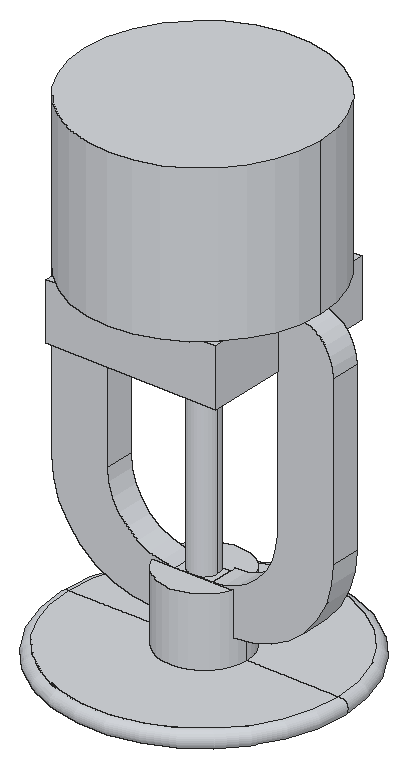
Revit family
Parameters (values of type "RASCO F1 PENDENT")
  Temperature Rating = 155 °F
  Response = (empty or 0)
  RASCO SIN # = "R1712"
  RASCO Part # = "FP1LW"
  Pressure Rating = "175 PSI"
  Pressure Class = (empty or 0)
  Orifice Size = 17/32"
  Orifice = (empty or 0)
  Model = "F1"
  Manufacturer = "RASCO"
  K-Factor = 8
  Description = "White Finish"
  Coverage = (empty or 0)
Reference planes (in)
  plane 1 "Center (Front/Back)": y = 0
  plane 2: z = 0
  plane 3 "Center (Left/Right)": x = 0
Dimensions and locks (in)
  aligned and locked: plane 2 to level
Nested families (in)
  nested 1: "FP1LW" at (-0.01148, 0, 2.4375) x (-1, 0, 0) z (0, 0, -1), type "RASCO F1 PENDENT"
Connectors (in)
  piping at (-0.01148, 0, 2.4375)
    settings: on nested 1, index 1, connector radius 1/2", flow factor 0, pipe flow 0 GPM, pressure drop 0.00 psi, fitting loss kfactor 0, connector angle 0.00°, fixture units 0, flow configuration 0, flow direction 0, fitting loss method 0, system type 7, connector reference index -1, connector utility 0, adjustable connector no, is connector primary yes, fitting loss table "", connector description ""
Definition of nested family "FP1LW"
  Parameters (values of type "RASCO F1 PENDENT")
    Type Comments = ""
    Temperature Rating = 0 °F
    Response = (empty or 0)
    Pressure Rating = "0"
    Pressure Class = (empty or 0)
    Orifice Size = 0"
    Orifice = (empty or 0)
    Model = ""
    Manufacturer = ""
    K-Factor = 0
    Description = ""
    Coverage = (empty or 0)
    Assembly Code = ""
  Reference planes (in)
    plane 1 "Center (Front/Back)": y = 0
    plane 2: z = 0
    plane 3 "ref.2": z = 0.6875
    plane 4 "ref.3": z = 0.9375
    plane 5: x = -0.38065
    plane 6: x = 0.36935
    plane 7 "ref. side 1": y = 0.06402
    plane 8 "ref. side 2": y = -0.06098
    plane 9 "ref.4": z = 1.875
    plane 10 "ref.5": z = 2.3125
    plane 11 "ref.6": z = 2.4375
  Forms (in)
    Extrusion 1, solid
      sketch origin (0, 0, 0) x (1, 0, 0) y (0, 1, 0)
        loop
          circle (0, 0) r 0.5221
      from 0 to 0.6875
    Extrusion 2, solid
      sketch origin (-0.12185, 0.05177, 0.6875) x (1, 0, 0) y (0, 1, 0)
        loop
          line (-0.2588, 0.356) -> (-0.2588, -0.4565) -> (0.4912, -0.4565) -> (0.4912, 0.356) -> (-0.2588, 0.356)
      from 0 to 0.25
    Extrusion 3, solid
      sketch origin (0, 0, 0) x (1, 0, 0) y (0, 0, 1)
        loop
          line (-0.38065, 0.69674) -> (-0.38065, 1.58397)
          arc (-0.38065, 1.58397) -> (-0.29541, 1.78976) -> (-0.08962, 1.875) r 0.29103
          line (-0.08962, 1.875) -> (0.07524, 1.875)
          arc (0.07524, 1.875) -> (0.28321, 1.78886) -> (0.36935, 1.58089) r 0.29411
          line (0.36935, 1.58089) -> (0.36935, 0.69728)
          arc (0.36935, 0.69728) -> (0.54046, 0.72329) -> (0.61935, 0.87734) r 0.18984
          line (0.61935, 0.87734) -> (0.61935, 1.61676)
          arc (0.61935, 1.61676) -> (0.48879, 1.93194) -> (0.17361, 2.0625) r 0.44574
          line (0.17361, 2.0625) -> (-0.18509, 2.0625)
          arc (-0.18509, 2.0625) -> (-0.50015, 1.932) -> (-0.63065, 1.61694) r 0.44556
          line (-0.63065, 1.61694) -> (-0.63065, 0.87876)
          arc (-0.63065, 0.87876) -> (-0.55196, 0.72414) -> (-0.38065, 0.69674) r 0.19126
      from -0.06402 to 0.06098
    Extrusion 4, solid
      sketch origin (0, 0, 0.9375) x (-1, 0, 0) y (0, -1, 0)
        loop
          circle (0.00574, -0.00152) r 0.0625
      from 0 to 0.9375
    Extrusion 5, solid
      sketch origin (0, 0, 1.875) x (-1, 0, 0) y (0, -1, 0)
        loop
          circle (0.00574, -0.00152) r 0.1875
      from 0 to 0.4375
    Revolve 6, solid
      sketch origin (0, 0, -0.2777) x (1, 0, 0) y (0, 0, 1)
        loop
          line (-0.19324, 2.45291) -> (-0.19324, 2.52696) -> (-0.60446, 2.52696)
          arc (-0.60446, 2.52696) -> (-0.64149, 2.48994) -> (-0.60446, 2.45291) r 0.03703
          line (-0.60446, 2.45291) -> (-0.19324, 2.45291)
        axis (-0.00574, 2.45291) -> (-0.00574, 2.52696)
      angle from 0 to 360
  Cuts and joins
    joined: Extrusion 1, Extrusion 2, Extrusion 4, Revolve 6
  Lines and regions (in)
    model lines
      curve 1: line (-0.00574, 0.06402, 1.875) -> (-0.00574, -0.06098, 1.875)
  Dimensions and locks (in)
    Extrusion 3 to Extrusion 3 = 0' - 1 1/4"
    Extrusion 5 to cut or joined group of Extrusion 1, Extrusion 2, Extrusion 4, Revolve 6 = 0' - 2 5/16"
